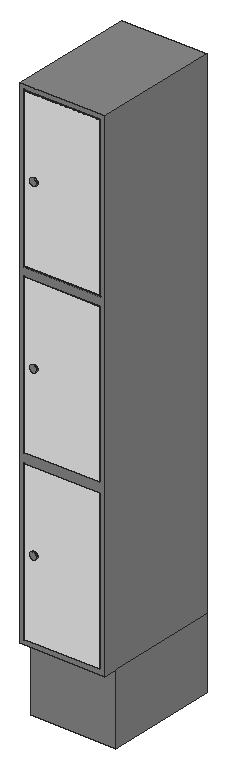
Revit family
Parameters (values of type "Lockers x 3")
  Width = 300 mm
  Vis Ironmongery = yes
  Plinth Setback = 50 mm
  Plinth Height = 250 mm
  Material Plinth = Paint - Grey
  Material Locker = Paint - Grey
  Material Door = Paint - White
  Locker Height = 1775 mm
  Keynote = "N"
  Depth = 450 mm
  Assembly Code = ""
Reference planes
  plane 1 "Center (Front/Back)": y = 150
  plane 2: z = 0
  plane 3 "Center (Left/Right)": x = -154.179
  plane 4: y = 600
  plane 5: x = -304.179
  plane 6: x = -4.179
  plane 7: z = 250
  plane 8: z = 2025
  plane 9: z = 2010
  plane 10: z = 265
  plane 11: x = -289.179
  plane 12: x = -19.179
  plane 13: z = 1448.333
  plane 14: z = 1433.333
  plane 15: z = 1418.333
  plane 16: z = 856.667
  plane 17: z = 841.667
  plane 18: z = 826.667
  plane 19: x = -44.179
  plane 20: x = -94.179
  plane 21: z = 1729.167
Forms (mm)
  Extrusion 1, solid, material "Paint - Grey" <- "Material Plinth"
    sketch origin (0, 0, 0) x (1, 0, 0) y (0, 1, 0)
      loop
        line (-304.179, 600) -> (-304.179, 200) -> (-4.179, 200) -> (-4.179, 600) -> (-304.179, 600)
    from 0 to 250
  Extrusion 2, solid, material "Paint - Grey" <- "Material Locker"
    sketch origin (-154.179, 0, 0) x (0, 1, 0) y (0, 0, 1)
      loop
        line (150, 2025) -> (150, 250) -> (600, 250) -> (600, 2025) -> (150, 2025)
    from -150 to 150
  Extrusion 3, void
    sketch origin (-4.179, 150, 2025) x (1, 0, 0) y (0, 0, -1)
      loop
        line (-285, 1760) -> (-285, 1198.333) -> (-15, 1198.333) -> (-15, 1760) -> (-285, 1760)
      loop
        line (-285, 1168.333) -> (-285, 606.667) -> (-15, 606.667) -> (-15, 1168.333) -> (-285, 1168.333)
      loop
        line (-285, 576.667) -> (-285, 15) -> (-15, 15) -> (-15, 576.667) -> (-285, 576.667)
    from 0 to 435
  Extrusion 4, solid, material "Paint - White" <- "Material Door"
    sketch origin (-4.179, 150, 2025) x (-1, 0, 0) y (0, 0, -1)
      loop
        line (282, 18) -> (282, 573.667) -> (18, 573.667) -> (18, 18) -> (282, 18)
      loop
        line (282, 609.667) -> (282, 1165.333) -> (18, 1165.333) -> (18, 609.667) -> (282, 609.667)
      loop
        line (282, 1201.333) -> (282, 1757) -> (18, 1757) -> (18, 1201.333) -> (282, 1201.333)
    from -15 to 0
  Extrusion 5, solid, material "Paint - Grey" <- "Material Locker", visible <- "Vis Ironmongery"
    sketch origin (0, 150, 0) x (1, 0, 0) y (0, 0, 1)
      loop
        circle (-254.179, 1729.167) r 12.5
      loop
        circle (-254.179, 1137.5) r 12.5
      loop
        circle (-254.179, 545.833) r 12.5
    from 0 to 3
Cuts and joins
  Extrusion 3 cuts Extrusion 1
  Extrusion 3 cuts Extrusion 2
Lines and regions (mm)
  Masking region 1
    outline origin (0, 0, 0) x (1, 0, 0) y (0, 1, 0)
      loop
        line (-304.179, 600) -> (-304.179, 150) -> (-4.179, 150) -> (-4.179, 600) -> (-304.179, 600)
  model lines, style "InvisibleLines"
    curve 1: line (-154.179, 150, 2025) -> (-154.179, 600, 2025)
Dimensions and locks
  equal spacing: plane 5, plane 3 "Center (Left/Right)", plane 6
  "Width": plane 5 to plane 6
  "Depth": plane 1 "Center (Front/Back)" to plane 4
  "Locker Height": plane 8 to plane 7
  "Plinth Height": plane 7 to level
  locked: plane 8 to plane 9 at 15
  locked: plane 10 to plane 7 at 15
  locked: plane 5 to plane 11 at 15
  locked: plane 12 to plane 6 at 15
  equal spacing: plane 8, plane 14, plane 17, plane 7
  "Plinth Setback": plane 1 "Center (Front/Back)" to cut or joined group of Extrusion 1, Extrusion 3
  locked: plane 11 to Extrusion 5 sketch curve at 35  (x3)
  equal spacing: plane 8, Extrusion 5 sketch curve, plane 14
  equal spacing: plane 14, Extrusion 5 sketch curve, plane 17
  equal spacing: plane 17, Extrusion 5 sketch curve, plane 7
  equal spacing: plane 13, plane 14, plane 15, locked at 15 each
  equal spacing: plane 16, plane 17, plane 18, locked at 15 each
  locked: plane 16 to plane 18 at 30
  locked: plane 13 to plane 15 at 30
  aligned and locked: Extrusion 1 to plane 7
  aligned and locked: Extrusion 1 to level
  aligned and locked: Extrusion 2 sketch curve to curve 1
  aligned and locked: plane 5 to Extrusion 2
  aligned and locked: Extrusion 2 to plane 6
  aligned: cut or joined group of Extrusion 2, Extrusion 3 to Masking region 1 sketch curve  (x2)
  aligned: Masking region 1 sketch curve to cut or joined group of Extrusion 1, Extrusion 3
  aligned: Masking region 1 sketch curve to cut or joined group of Extrusion 2, Extrusion 3
Automatic sketch dimensions
  Extrusion 1 sketch curve to plane 1 "Center (Front/Back)" = 50 mm
  Extrusion 1 sketch curve to plane 5 = 0 mm
  Extrusion 1 sketch curve to plane 6 = 0 mm
  Extrusion 1 sketch curve to plane 4 = 0 mm
  curve 1 to plane 1 "Center (Front/Back)" = 0 mm
  curve 1 to plane 4 = 0 mm
  curve 1 to plane 8 = 0 mm
  Extrusion 2 sketch curve to plane 1 "Center (Front/Back)" = 0 mm
  Extrusion 2 sketch curve to plane 4 = 0 mm
  Extrusion 2 sketch curve to plane 7 = 0 mm
  Extrusion 3 sketch curve to plane 10 = 0 mm
  Extrusion 3 sketch curve to plane 11 = 0 mm  (x3)
  Extrusion 3 sketch curve to plane 12 = 0 mm  (x3)
  Extrusion 3 sketch curve to plane 9 = 0 mm
  Extrusion 3 sketch curve to plane 13 = 0 mm
  Extrusion 3 sketch curve to plane 15 = 0 mm
  Extrusion 3 sketch curve to plane 16 = 0 mm
  Extrusion 3 sketch curve to plane 18 = 0 mm
  Extrusion 4 sketch curve to plane 12 = 3 mm  (x3)
  Extrusion 4 sketch curve to plane 11 = 3 mm  (x3)
  plane 9 to Extrusion 4 sketch curve = 3 mm
  Extrusion 4 sketch curve to plane 13 = 3 mm
  plane 15 to Extrusion 4 sketch curve = 3 mm
  Extrusion 4 sketch curve to plane 16 = 3 mm
  plane 18 to Extrusion 4 sketch curve = 3 mm
  Extrusion 4 sketch curve to plane 10 = 3 mm
  Masking region 1 sketch curve to plane 1 "Center (Front/Back)" = 0 mm
  Masking region 1 sketch curve to plane 5 = 0 mm
  Masking region 1 sketch curve to plane 6 = 0 mm
  Masking region 1 sketch curve to plane 4 = 0 mm
  radius of Extrusion 5 sketch curve = 12.5 mm  (x3)
